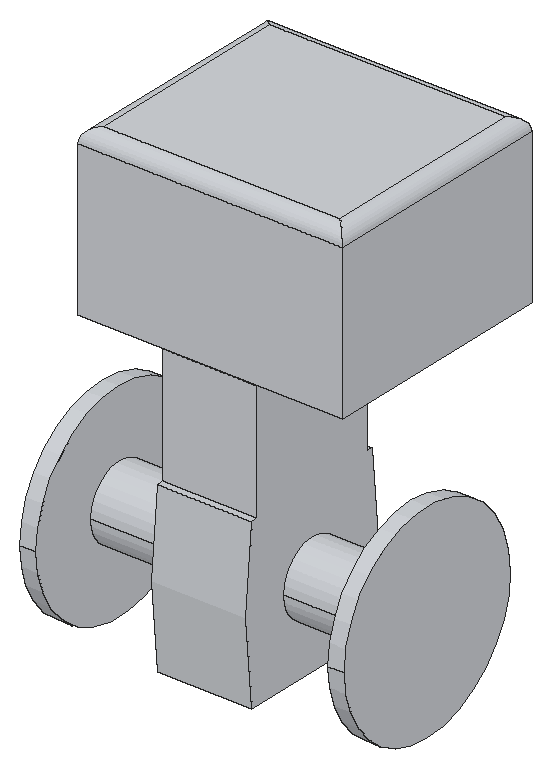
Revit family "M_Válvula de controle do motor - 65-150 mm", category Acessórios do tubo, Revit 2019
Family settings
  Cota do conector redondo = Usar raio
  Tipo de parte = Válvula - Quebra entre
  Número OmniClass = 23.65.55.14.17
  Título OmniClass = Adjusting/Controlling Valves for Liquid Services
  ID de item do Seek = Motor Control Valve - 65-150 mm-0000-CAN-ENU
  Com base no plano de trabalho = Não
  Sempre na vertical = Sim
  Corte com vazios quando carregada = Não
  Compartilhado = Não
Parameters (values of type "65 mm")
  Raio do símbolo = 101.6 mm
  K Coefficient = 0.28
  Raio da flange = Diâmetro da flange / 2  # 92.5 mm
  Material da válvula = none
  Comprimento da válvula = 290 mm
  Meia largura = Largura do corpo / 2  # 80 mm
  Diâmetro da flange = 185 mm
  Altura total = 406 mm
  Raio nominal = 32.5 mm
  Diâmetro nominal = Raio nominal * 2  # 65 mm
  Comprimento de meia válvula = Comprimento da válvula / 2  # 145 mm
  Comprimento do meio corpo = Comprimento do corpo / 2  # 42 mm
  Espessura do flange = Comprimento da válvula * 0.05  # 14.5 mm
  Largura do corpo = 160 mm
  Comprimento do corpo = 84 mm
  Altura do corpo 2 = 76 mm
  Altura do corpo 1 = 74 mm
  Material do atuador = none
Types (5, lengths in mm): name | Raio do símbolo | K Coefficient | Raio da flange | Comprimento da válvula | Meia largura | Diâmetro da flange | Altura total | Raio nominal | Diâmetro nominal | Comprimento de meia válvula | Comprimento do meio corpo | Espessura do flange | Largura do corpo | Comprimento do corpo | Altura do corpo 2 | Altura do corpo 1
  (no name) | 101.6 | 0.28 | 92.5 | 290 | 80 | 185 | 406 | 32.5 | 65 | 145 | 42 | 14.5 | 160 | 84 | 76 | 74
  65 mm | 101.6 | 0.28 | 92.5 | 290 | 80 | 185 | 406 | 32.5 | 65 | 145 | 42 | 14.5 | 160 | 84 | 76 | 74
  80 mm | 101.6 | 0.3 | 100 | 310 | 94 | 200 | 435 | 40 | 80 | 155 | 50 | 15.5 | 188 | 100 | 89 | 89
  100 mm | 101.6 | 0.38 | 110 | 350.5 | 113 | 220 | 470 | 50 | 100 | 175.25 | 60 | 17.525 | 226 | 120 | 110 | 115
  150 mm | 127 | 0.92 | 142.5 | 480 | 113 | 285 | 470 | 75 | 150 | 240 | 60 | 24 | 226 | 120 | 110 | 115
Reference planes
  plane 1 "Centro (Frente/Trás)": y = 0
  plane 2: z = 0
  plane 3 "Centro (Esquerda/Direita)": x = 0
  plane 4: x = -42
  plane 5: x = 42
  plane 6: x = -145
  plane 7: x = 145
  plane 8: x = 130.5
  plane 9: x = -130.5
  plane 10: y = 80
  plane 11: y = -80
  plane 12: z = -76
  plane 13: z = 74
  plane 14: z = 330
  plane 15: z = 179.981
  plane 16: x = -118.269
  plane 17: x = 118.269
  plane 18: z = 317.3
  plane 19: y = -61.119
  plane 20: y = 150.019
  plane 21: y = 61.119
  plane 22: y = 196.85
Forms (mm)
  Sweep 1, solid, material <- "Material da válvula", detail levels fine
    path origin (0, 0, 0) x (1, 0, 0) y (0, 1, 0)
      loop
        line (-145, 0) -> (-130.5, 0)
    profile origin (-137.75, 0, 0) x (0, 1, 0) y (0, 0, 1)
      loop
        circle (0, 0) r 92.5
  Sweep 2, solid, material <- "Material da válvula", detail levels fine
    path origin (0, 0, 0) x (1, 0, 0) y (0, 1, 0)
      loop
        line (-130.5, 0) -> (-42, 0)
    profile origin (-86.25, 0, 0) x (0, 1, 0) y (0, 0, 1)
      loop
        circle (0, 0) r 32.5
  Sweep 3, solid, material <- "Material da válvula", detail levels fine
    path origin (0, 0, 0) x (-1, 0, 0) y (0, 1, 0)
      loop
        line (-145, 0) -> (-130.5, 0)
    profile origin (137.75, 0, 0) x (0, -1, 0) y (0, 0, 1)
      loop
        circle (0, 0) r 92.5
  Sweep 4, solid, material <- "Material da válvula", detail levels fine
    path origin (0, 0, 0) x (-1, 0, 0) y (0, 1, 0)
      loop
        line (-130.5, 0) -> (-42, 0)
    profile origin (86.25, 0, 0) x (0, -1, 0) y (0, 0, 1)
      loop
        circle (0, 0) r 32.5
  Extrusion 5, solid, material <- "Material da válvula", detail levels fine
    sketch origin (0, 0, 0) x (0, 1, 0) y (0, 0, 1)
      loop
        arc (-67.3, 74) -> (-73.952, -1) -> (-67.3, -76) r 426.113
        line (-67.3, -76) -> (66.036, -76)
        arc (66.036, -76) -> (73.33, -1.056) -> (67.3, 74) r 425.506
        line (67.3, 74) -> (-67.3, 74)
    from -42 to 42
  Extrusion 6, solid, material <- "Material do atuador", detail levels fine
    sketch origin (0, 0, 0) x (1, 0, 0) y (0, 0, 1)
      loop
        line (-118.269, 179.981) -> (118.269, 179.981) -> (118.269, 317.3) -> (-118.269, 317.3) -> (-118.269, 179.981)
    from -150.019 to 61.119
  Sweep 7, solid, material <- "Material do atuador", detail levels fine
    path in 3D
      loop
        line (118.269, 150.019, 317.3) -> (118.269, -61.119, 317.3) -> (-118.269, -61.119, 317.3) -> (-118.269, 150.019, 317.3) -> (118.269, 150.019, 317.3)
    profile origin (0, 150.019, 317.3) x (0, 1, 0) y (0, 0, 1)
      loop
        arc (0, 0) -> (-3.72, 8.98) -> (-12.7, 12.7) r 12.7
        line (-12.7, 12.7) -> (-12.7, 0) -> (0, 0)
  Extrusion 8, solid, material <- "Material do atuador", detail levels fine
    sketch origin (0, 0, 0) x (1, 0, 0) y (0, 1, 0)
      loop
        line (-105.569, -48.419) -> (105.569, -48.419) -> (105.569, 137.319) -> (-105.569, 137.319) -> (-105.569, -48.419)
    from 317.3 to 330
  Extrusion 9, solid, material <- "Material da válvula", detail levels fine
    sketch origin (0, 0, 0) x (0, 1, 0) y (0, 0, 1)
      loop
        line (-61.119, 74) -> (61.119, 74) -> (61.119, 179.981) -> (-61.119, 179.981) -> (-61.119, 74)
    from -42 to 42
Cuts and joins
  joined: Sweep 1, Sweep 2, Sweep 3, Sweep 4, Extrusion 5, Extrusion 9
  joined: Extrusion 6, Sweep 7, Extrusion 8
Lines and regions (mm)
  sketch lines
    curve 1: line (-118.269, 150.019, 317.3) -> (118.269, 150.019, 317.3)
    curve 2: line (-118.269, -61.119, 317.3) -> (-118.269, 150.019, 317.3)
    curve 3: line (118.269, -61.119, 317.3) -> (118.269, 150.019, 317.3)
    curve 4: line (118.269, -61.119, 317.3) -> (-118.269, -61.119, 317.3)
  model lines, detail levels coarse+medium
    curve 5: line (0, 0, 0) -> (0, 95.25, 0)
    curve 6: circle (0, 196.85, 0) r 101.6 normal (0, 0, 1)
    curve 7: line (-50.8, 150.019, 0) -> (-50.8, 284.838, 0)
    curve 8: line (-50.8, 284.838, 0) -> (0, 196.85, 0)
    curve 9: line (0, 196.85, 0) -> (50.8, 284.838, 0)
    curve 10: line (50.8, 284.838, 0) -> (50.8, 150.019, 0)
    curve 11: line (0, 0, 0) -> (145, 83.716, 0)
    curve 12: line (0, 0, 0) -> (145, -83.716, 0)
    curve 13: line (0, 0, 0) -> (-145, 83.716, 0)
    curve 14: line (0, 0, 0) -> (-145, -83.716, 0)
    curve 15: line (-145, 83.716, 0) -> (-145, -83.716, 0)
    curve 16: line (145, 83.716, 0) -> (145, -83.716, 0)
Dimensions and locks
  "Comprimento do meio corpo": plane 4 to plane 3 "Centro (Esquerda/Direita)"
  "Comprimento do meio corpo": plane 5 to plane 3 "Centro (Esquerda/Direita)"
  "Comprimento de meia válvula": plane 6 to plane 3 "Centro (Esquerda/Direita)"
  "Comprimento de meia válvula": plane 7 to plane 3 "Centro (Esquerda/Direita)"
  "Espessura do flange": plane 8 to plane 7
  "Espessura do flange": plane 9 to plane 6
  "Meia largura": plane 10 to plane 1 "Centro (Frente/Trás)"
  "Meia largura": plane 11 to plane 1 "Centro (Frente/Trás)"
  "Altura do corpo 2": plane 2 to plane 12
  "Altura do corpo 1": plane 13 to plane 2
  "Altura total": plane 14 to plane 12
  locked: plane 14 to plane 15 at 150.019
  locked: plane 3 "Centro (Esquerda/Direita)" to plane 16 at 118.269
  locked: plane 17 to plane 3 "Centro (Esquerda/Direita)" at 118.269
  locked: plane 14 to plane 18 at 12.7
  locked: plane 19 to plane 1 "Centro (Frente/Trás)" at 61.119
  locked: plane 1 "Centro (Frente/Trás)" to plane 20 at 150.019
  "Raio da flange": radius of Sweep 1 sketch curve
  "Raio nominal": radius of Sweep 2 sketch curve
  "Raio da flange": radius of Sweep 3 sketch curve
  "Raio nominal": radius of Sweep 4 sketch curve
  "Raio do símbolo": radius of curve 6
  locked: curve 7 to curve 8 (angle 30.00°)
  locked: curve 9 to curve 10 (angle 30.00°)
  locked: curve 13 to plane 1 "Centro (Frente/Trás)" (angle 30.00°)
  locked: plane 1 "Centro (Frente/Trás)" to curve 11 (angle 30.00°)
  locked: plane 1 "Centro (Frente/Trás)" to curve 14 (angle 30.00°)
  locked: curve 12 to plane 1 "Centro (Frente/Trás)" (angle 30.00°)
  aligned and locked: plane 1 "Centro (Frente/Trás)" to Sweep 1 sketch curve  (x2)
  aligned and locked: plane 6 to Sweep 1 sketch curve
  aligned and locked: plane 2 to Sweep 1 sketch curve
  aligned and locked: plane 9 to Sweep 1 sketch curve
  aligned and locked: plane 9 to Sweep 2 sketch curve
  aligned and locked: plane 4 to Sweep 2 sketch curve
  aligned and locked: plane 1 "Centro (Frente/Trás)" to Sweep 2 sketch curve  (x2)
  aligned and locked: plane 2 to Sweep 2 sketch curve
  aligned and locked: Sweep 4 to plane 5
  aligned and locked: Sweep 3 to plane 8
  aligned and locked: Sweep 4 to plane 8
  aligned and locked: Sweep 3 to plane 7
  aligned and locked: Extrusion 5 sketch curve to plane 13
  aligned and locked: plane 12 to Extrusion 5 sketch curve
  aligned and locked: Extrusion 5 to plane 4
  aligned and locked: plane 5 to Extrusion 5
  aligned and locked: plane 16 to Extrusion 6 sketch curve
  aligned and locked: Extrusion 6 sketch curve to plane 15
  aligned and locked: plane 17 to Extrusion 6 sketch curve
  aligned and locked: plane 20 to Extrusion 6
  aligned and locked: Extrusion 6 sketch curve to plane 18
  aligned and locked: plane 20 to Sweep 7 sketch curve
  aligned and locked: plane 14 to Sweep 7 sketch curve
  aligned and locked: Sweep 7 to Extrusion 8 sketch curve
  aligned and locked: Extrusion 8 sketch curve to Sweep 7  (x3)
  aligned and locked: plane 14 to Extrusion 8
  aligned and locked: Extrusion 8 to plane 18
  aligned and locked: Extrusion 6 to plane 19
  aligned and locked: Extrusion 6 to plane 20
  aligned and locked: plane 19 to Extrusion 9 sketch curve
  aligned and locked: Extrusion 9 sketch curve to plane 13
  aligned and locked: plane 15 to Extrusion 9 sketch curve
  aligned and locked: Extrusion 9 sketch curve to plane 21
  aligned and locked: Extrusion 9 to plane 4
  aligned and locked: plane 5 to Extrusion 9
  aligned and locked: plane 3 "Centro (Esquerda/Direita)" to curve 6
  aligned and locked: plane 3 "Centro (Esquerda/Direita)" to curve 5
  aligned and locked: plane 1 "Centro (Frente/Trás)" to curve 5
  aligned and locked: plane 6 to curve 14
  aligned and locked: plane 7 to curve 11
  aligned and locked: plane 7 to curve 12
  aligned and locked: curve 15 to plane 6
  aligned and locked: plane 22 to curve 9
  aligned and locked: plane 22 to curve 6
  aligned and locked: plane 3 "Centro (Esquerda/Direita)" to curve 9
  aligned and locked: plane 20 to curve 10
  aligned and locked: plane 20 to curve 7
  aligned and locked: plane 1 "Centro (Frente/Trás)" to Sweep 3 sketch curve
  aligned and locked: plane 2 to Sweep 3 sketch curve
  aligned and locked: plane 1 "Centro (Frente/Trás)" to Sweep 4 sketch curve
  aligned and locked: plane 2 to Sweep 4 sketch curve
Automatic sketch dimensions
  Sweep 3 sketch curve to plane 1 "Centro (Frente/Trás)" = 0 mm
  Sweep 3 sketch curve to plane 7 = 0 mm
  Sweep 3 sketch curve to plane 8 = 0 mm
  Sweep 4 sketch curve to plane 1 "Centro (Frente/Trás)" = 0 mm
  Sweep 4 sketch curve to plane 8 = 0 mm
  Sweep 4 sketch curve to plane 5 = 0 mm
  level to Extrusion 5 sketch curve = 2.53 mm
  plane 11 to Extrusion 5 sketch curve = 272.161 mm
  Extrusion 5 sketch curve to plane 11 = 12.7 mm  (x2)
  Extrusion 5 sketch curve to plane 10 = 272.161 mm
  plane 10 to Extrusion 5 sketch curve = 12.7 mm
  Sweep 7 sketch curve to profile plane = 0 mm
Connectors
  piping at (-145, 0, 0), diameter 65, driven by "Raio nominal"
    settings: on cut or joined group of Sweep 1, Sweep 2, Sweep 3, Sweep 4, Extrusion 5, Extrusion 9, index 1, connector inside diameter 65 mm, connector length 0 mm, flow factor 0, pipe flow 0.0 L/s, pressure drop 0.0 Pa, fitting loss kfactor 0, connector angle 0.00°, fixture units 0, engagement length 0 mm, angle of deflection 0.00°, flow configuration 0, flow direction 0, fitting loss method 2, system type 29, joint type 0, gender type 0, connector reference index 2, connector utility 0, adjustable connector no, is connector primary yes, connector description ""
  piping at (145, 0, 0), diameter 65, driven by "Raio nominal", driven by "K Coefficient"
    settings: on cut or joined group of Sweep 1, Sweep 2, Sweep 3, Sweep 4, Extrusion 5, Extrusion 9, index 2, connector inside diameter 65 mm, connector length 0 mm, flow factor 0, pipe flow 0.0 L/s, pressure drop 0.0 Pa, fitting loss kfactor 0.28, connector angle 0.00°, fixture units 0, engagement length 0 mm, angle of deflection 0.00°, flow configuration 0, flow direction 0, fitting loss method 2, system type 29, joint type 0, gender type 0, connector reference index 1, connector utility 0, adjustable connector no, is connector primary no, connector description ""
  electrical at (0, 44.45, 330)
    settings: on Extrusion 8, index 3, voltage 0 V, apparent load 0 VA, apparent load phase1 0 VA, apparent load phase2 0 VA, apparent load phase3 0 VA, power factor 1, load classification "Outros", number of poles 1, system type 13, power factor state 1, is connector primary yes, connector utility no, sub classification motor no, connector description ""
